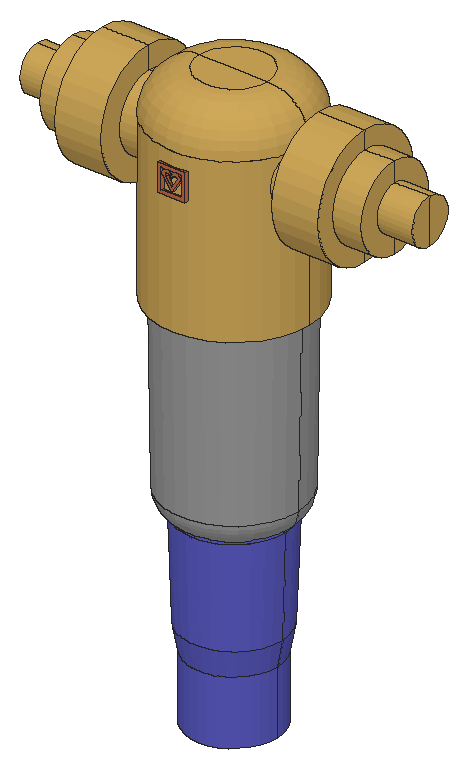
Revit family "Фильтр для холодной воды 0553", category Rohrzubehör, Revit 2020
Family settings
  Bemaßung runder Anschluss = Durchmesser verwenden
  Teiletyp = Unterbricht
  OmniClass-Nummer = 23.65.55.14
  OmniClass-Titel = Valves for Liquid Services
  Arbeitsebenenbasiert = Nein
  Immer vertikal = Ja
  Beim Laden mit Abzugskörper schneiden = Nein
  Gemeinsam genutzt = Nein
Parameters
  Фильтрующий элемент = "нержавеющая сталь, тонкость фильтрации 100 мкм"  # constant formula
  Среда = "Питьевая вода"  # constant formula
  Примечание = "В соответствии со статьей 33 Регламента REACH (Registration; Evaluation; Authorisation; Restriction of Chemicals) (EC № 1907/2006) мы обязаны указать, что свинец внесен в список SVHC (Substances of Very High Concern - вещества очень высокой важности) и весовой процент свинца во всех латунных компонентах заводского изготовления в наших изделиях, превышает 0,1 % (w/w) (CAS: 7439-92-1 / EINECS: 231-100-4).\r\nПоскольку свинец является легирующим компонентом сплава, прямое негативное влияние исключается, и поэтому дополнительной информации о безопасном использовании не требуется."
  Макс. рабочее давление = 1600000.0 Pa  # constant formula
  Макс. рабочая температура = 30 °C  # constant formula
  Корпус = "латунь, CW617N"  # constant formula
  Исполнение = "HERZ-фильтр для воды устанавливается на вводе в здание для предотвращения попадания загрязнений в питьевую воду."
  W02 = 88.00°  # constant formula
  W01 = 89.00°  # constant formula
  Vorgabe-Ansicht = 0.000 mm
  VRS01 = 10.000 mm  # constant formula
  SC_NennweiteBerechnet = 0
  SC_Dimension = ""
  SCTWSEQ = "FI;SBT_TYP_FI=\"FI\";2"
  SCTWCODE = "02;00;02"  # constant formula
  S01 [instance] = (L02 + VRL01 + VRL02) - (L01 / 2)  # 24.750 mm
  Модель = "Фильтр для холодной воды с чашей из прозрачного стеклопластика."
  Чаша = "прозрачный, армированный стекловолокном пластик"  # constant formula
  GT [instance] = size_lookup("0553_", "GT", 1.000 mm, Nennweite)  # 11.900 mm
  VRL02 [instance] = size_lookup("0553_", "VRL2", 1.000 mm, Nennweite)  # 21.750 mm
  VRL01 [instance] = size_lookup("0553_", "VRL1", 1.000 mm, Nennweite)  # 15.500 mm
  VRD02 [instance] = size_lookup("0553_", "VRD2", 1.000 mm, Nennweite)  # 14.000 mm
  VRD01 [instance] = size_lookup("0553_", "VRD1", 1.000 mm, Nennweite)  # 20.000 mm
  URL = "www.herz-armaturen.ru"
  T01 = 1.000 mm  # constant formula
  R02 = 8.000 mm  # constant formula
  R01 = 12.500 mm  # constant formula
  Nennweite [instance] = 15.000 mm
  D02 = 22.750 mm  # constant formula
  L02 [instance] = size_lookup("0553_", "L2", 1.000 mm, Nennweite)  # 28.750 mm
  L01 [instance] = size_lookup("0553_", "L1", 1.000 mm, Nennweite)  # 82.500 mm
  Hersteller = "HERZ Armaturen Ges.m.b.H."  # constant formula
  H04 = 174.000 mm  # constant formula
  H03 = 65.500 mm  # constant formula
  H02 = 45.500 mm  # constant formula
  H01 = 23.000 mm  # constant formula
  Номер заказа [instance] = if(Nennweite = 15.000 mm, "I055301", if(Nennweite = 20.000 mm, "I055302", if(Nennweite = 25.000 mm, "I055303", "0")))  # "I055301"
  AG [instance] = Nennweite / 2  # 7.500 mm
  D01 = 25.500 mm  # constant formula
Reference planes
  plane 1 "Mitte (Vorne/hinten)": y = 0
  plane 2: z = 0
  plane 3 "Mitte (Links/rechts)": x = 0
Forms (mm)
  Revolve 1, solid, material "Messing, weicher Gelbton, geschweißt", detail levels fine
    sketch origin (0, 0, 0) x (1, 0, 0) y (0, 0, 1)
      loop
        line (-41.25, 0) -> (41.25, 0) -> (41.25, 12.5) -> (-41.25, 12.5) -> (-41.25, 0)
      axis (-41.25, 0) -> (41.25, 0)
    angle from 0 to 360
  Revolve 2, solid, material "Messing, weicher Gelbton, geschweißt", detail levels fine
    sketch origin (0, 0, 0) x (1, 0, 0) y (0, 0, 1)
      loop
        line (-28.75, 0) -> (-28.75, 20) -> (-44.25, 20) -> (-44.25, 14) -> (-54.1, 14) -> (-54.1, 7.5) -> (-66, 7.5) -> (-66, 0) -> (-28.75, 0)
      axis (-66, 0) -> (-28.75, 0)
    angle from 0 to 360
  Revolve 3, solid, material "Messing, weicher Gelbton, geschweißt", detail levels fine
    sketch origin (0, 0, 0) x (-1, 0, 0) y (0, 0, 1)
      loop
        line (-28.75, 0) -> (-28.75, 20) -> (-44.25, 20) -> (-44.25, 14) -> (-54.1, 14) -> (-54.1, 7.5) -> (-66, 7.5) -> (-66, 0) -> (-28.75, 0)
      axis (-66, 0) -> (-28.75, 0)
    angle from 0 to 360
  Revolve 4, solid, material "Messing, weicher Gelbton, geschweißt", detail levels fine
    sketch origin (0, 0, 0) x (1, 0, 0) y (0, 0, 1)
      loop
        line (0, -45.5) -> (0, 23) -> (-11.5, 23)
        arc (-11.5, 23) -> (-21.399, 18.899) -> (-25.5, 9) r 14
        line (-25.5, 9) -> (-25.5, -45.5) -> (0, -45.5)
      axis (0, 23) -> (0, -45.5)
    angle from 0 to 360
  Revolve 5, solid, material "ABS-Kunststoff", detail levels fine
    sketch origin (0, 0, 0) x (1, 0, 0) y (0, 0, 1)
      loop
        line (0, -45.5) -> (-22.75, -45.5) -> (-21.744, -103.156)
        arc (-21.744, -103.156) -> (-19.53, -108.542) -> (-14.25, -111) r 8
        line (-14.25, -111) -> (0, -111) -> (0, -45.5)
      axis (0, -45.5) -> (0, -111)
    angle from 0 to 360
  Revolve 6, solid, material "Herz-Marineblau", detail levels fine
    sketch origin (0, 0, 0) x (1, 0, 0) y (0, 0, 1)
      loop
        line (-14.75, -174) -> (0, -174) -> (0, -110.996) -> (-17.5, -110.996) -> (-16.347, -144) -> (-14.75, -152.5) -> (-14.75, -174)
      axis (0, -110.996) -> (0, -174)
    angle from 0 to 360
Lines and regions (mm)
  model lines, detail levels coarse+medium
    curve 1: line (-41.25, 0, 23) -> (-41.25, 0, -23)
    curve 2: line (-41.25, 0, -23) -> (41.25, 0, -23)
    curve 3: line (41.25, 0, -23) -> (41.25, 0, 23)
    curve 4: line (41.25, 0, 23) -> (-41.25, 0, 23)
    curve 5: line (41.25, 0, 23) -> (12.5, 0, 0)
    curve 6: line (12.5, 0, 0) -> (41.25, 0, -23)
    curve 7: line (41.25, 0, 23) -> (51.25, 0, 23)
    curve 8: line (51.25, 0, 23) -> (41.25, 0, 0)
    curve 9: line (41.25, 0, -23) -> (51.25, 0, -23)
    curve 10: line (51.25, 0, -23) -> (41.25, 0, 0)
    curve 11: line (41.25, 0, 0) -> (66, 0, 0)
    curve 12: line (-41.25, 0, 23) -> (-51.25, 0, 23)
    curve 13: line (-51.25, 0, 23) -> (-41.25, 0, 0)
    curve 14: line (-41.25, 0, -23) -> (-51.25, 0, -23)
    curve 15: line (-51.25, 0, -23) -> (-41.25, 0, 0)
    curve 16: line (-41.25, 0, 0) -> (-66, 0, 0)
    curve 17: line (-41.25, -23, 0) -> (41.25, -23, 0)
    curve 18: line (-41.25, 23, 0) -> (-41.25, -23, 0)
    curve 19: line (41.25, 23, 0) -> (-41.25, 23, 0)
    curve 20: line (41.25, -23, 0) -> (41.25, 23, 0)
    curve 21: line (41.25, 23, 0) -> (8.232, 0, 0)
    curve 22: line (8.232, 0, 0) -> (41.25, -23, 0)
    curve 23: line (41.25, 23, 0) -> (51.25, 23, 0)
    curve 24: line (51.25, 23, 0) -> (41.25, 0, 0)
    curve 25: line (41.25, -23, 0) -> (51.25, -23, 0)
    curve 26: line (51.25, -23, 0) -> (41.25, 0, 0)
    curve 27: line (-41.25, 23, 0) -> (-51.25, 23, 0)
    curve 28: line (-51.25, 23, 0) -> (-41.25, 0, 0)
    curve 29: line (-41.25, -23, 0) -> (-51.25, -23, 0)
    curve 30: line (-51.25, -23, 0) -> (-41.25, 0, 0)
Dimensions and locks
  "L01": Revolve 1 sketch curve to Revolve 1 sketch curve
  equal spacing: Revolve 1 sketch curve, plane 3 "Mitte (Links/rechts)", Revolve 1 sketch curve
  "R01": Revolve 1 sketch curve to plane 2
  "L02": plane 3 "Mitte (Links/rechts)" to Revolve 2 sketch curve
  "VRL01": Revolve 2 sketch curve to Revolve 2 sketch curve
  "VRL02": Revolve 2 sketch curve to Revolve 2 sketch curve
  "GT": Revolve 2 sketch curve to Revolve 2 sketch curve
  "VRD01": Revolve 2 sketch curve to Revolve 2 sketch curve
  "VRD02": Revolve 2 sketch curve to Revolve 2 sketch curve
  "AG": Revolve 2 sketch curve to Revolve 2 sketch curve
  "VRL01": Revolve 3 sketch curve to Revolve 3 sketch curve
  "VRL02": Revolve 3 sketch curve to Revolve 3 sketch curve
  "GT": Revolve 3 sketch curve to Revolve 3 sketch curve
  "VRD01": Revolve 3 sketch curve to Revolve 3 sketch curve
  "VRD02": Revolve 3 sketch curve to Revolve 3 sketch curve
  "AG": Revolve 3 sketch curve to Revolve 3 sketch curve
  "L02": Revolve 3 sketch curve to plane 3 "Mitte (Links/rechts)"
  "H01": Revolve 4 sketch curve to plane 2
  "D01": Revolve 4 sketch curve to Revolve 4 sketch curve
  "H02": plane 2 to Revolve 4 sketch curve
  "D02": Revolve 5 sketch curve to Revolve 5 sketch curve
  "H02": plane 2 to Revolve 5 sketch curve
  "H03": Revolve 5 sketch curve to Revolve 5 sketch curve
  "H04": plane 2 to Revolve 6 sketch curve
  "D01": nested 1 to plane 1 "Mitte (Vorne/hinten)"
  equal spacing: curve 1, plane 3 "Mitte (Links/rechts)", curve 3
  "H01": curve 4 to level to curve 2
  "L01": curve 1 to curve 3
  "L02": curve 3 to curve 6
  "VRS01": curve 8 to curve 3
  "VRS01": curve 10 to curve 3
  "S01": curve 11 to curve 3
  "VRS01": curve 13 to curve 1
  "VRS01": curve 15 to curve 1
  "S01": curve 16 to Revolve 1
  "L01": curve 18 to curve 20
  equal spacing: curve 18, plane 3 "Mitte (Links/rechts)", curve 20
  "H01": curve 19 to plane 1 "Mitte (Vorne/hinten)" to curve 17
  "VRS01": curve 20 to curve 24
  "VRS01": curve 20 to curve 26
  "VRS01": curve 28 to curve 18
  "VRS01": curve 30 to curve 18
  "R02": radius of Revolve 5 sketch curve
  "W01": angle Revolve 5 sketch curve to Revolve 4
  "W02": angle Revolve 6 sketch curve to Revolve 6 sketch curve
  aligned and locked: level to plane 2
Automatic sketch dimensions
  curve 15 to level = 0.000 mm
  curve 11 to level = 0.000 mm
  curve 8 to level = 0.000 mm
  curve 5 to level = 0.000 mm
  plane 1 "Mitte (Vorne/hinten)" to curve 22 = 0.000 mm
  plane 1 "Mitte (Vorne/hinten)" to curve 28 = 0.000 mm
  plane 1 "Mitte (Vorne/hinten)" to curve 24 = 0.000 mm
  plane 1 "Mitte (Vorne/hinten)" to curve 26 = 0.000 mm
  plane 3 "Mitte (Links/rechts)" to curve 22 = 8.232 mm
  Revolve 1 sketch curve to level = 0.000 mm  (x2)
  Revolve 1 sketch curve to Revolve 1 sketch curve = 1474.830 mm
  Revolve 1 sketch curve to Revolve 1 sketch curve = 1807.448 mm
  Revolve 2 sketch curve to level = 0.000 mm  (x2)
  Revolve 2 sketch curve to Revolve 2 sketch curve = 1440.530 mm
  plane 3 "Mitte (Links/rechts)" to Revolve 2 sketch curve = 1839.148 mm
  Revolve 3 sketch curve to level = 0.000 mm  (x2)
  Revolve 3 sketch curve to Revolve 3 sketch curve = 1440.530 mm
  plane 3 "Mitte (Links/rechts)" to Revolve 3 sketch curve = 1839.148 mm
  Revolve 4 sketch curve to plane 3 "Mitte (Links/rechts)" = 0.000 mm  (x2)
  level to Revolve 4 sketch curve = 9.000 mm
  Revolve 4 sketch curve to Revolve 4 sketch curve = 320.545 mm
  Revolve 4 sketch curve to Revolve 4 sketch curve = 2190.315 mm
  Revolve 5 sketch curve to plane 3 "Mitte (Links/rechts)" = 0.000 mm  (x2)
  Revolve 5 sketch curve to plane 3 "Mitte (Links/rechts)" = 21.744 mm
  Revolve 5 sketch curve to Revolve 5 sketch curve = 7.494 mm
  Revolve 5 sketch curve to Revolve 5 sketch curve = 255.045 mm
  level to Revolve 5 sketch curve = 2214.315 mm
  Revolve 6 sketch curve to plane 3 "Mitte (Links/rechts)" = 0.000 mm  (x2)
  Revolve 6 sketch curve to plane 3 "Mitte (Links/rechts)" = 14.750 mm
  Revolve 6 sketch curve to Revolve 6 sketch curve = 1.597 mm
  Revolve 6 sketch curve to plane 3 "Mitte (Links/rechts)" = 17.500 mm
  Revolve 6 sketch curve to Revolve 6 sketch curve = 21.500 mm
  Revolve 6 sketch curve to Revolve 6 sketch curve = 8.500 mm
  Revolve 6 sketch curve to Revolve 6 sketch curve = 192.045 mm
  level to Revolve 6 sketch curve = 2214.315 mm
Nested families
  nested 1: "Herz-Logo-vorne" at (0, -25.5, 0) x (0, 1, 0) z (0, 0, 1), type "Herz-Logo-vorne", detail levels fine
Connectors
  piping at (-66, 0, 0), diameter 15, driven by "Nennweite"
    settings: on Revolve 2, index 1, connector inside diameter 609.6 mm, connector length 0.000 mm, flow factor 0, pipe flow 0.0 L/s, pressure drop 0.0 Pa, fitting loss kfactor 0, connector angle 0.00°, fixture units 0, engagement length 0.000 mm, angle of deflection 0.00°, flow configuration 0, flow direction 1, fitting loss method 0, system type 20, joint type 0, gender type 0, connector reference index -1, connector utility 0, adjustable connector no, is connector primary yes, connector description ""
  piping at (66, 0, 0), diameter 15, driven by "Nennweite"
    settings: on Revolve 3, index 2, connector inside diameter 609.6 mm, connector length 0.000 mm, flow factor 0, pipe flow 0.0 L/s, pressure drop 0.0 Pa, fitting loss kfactor 0, connector angle 0.00°, fixture units 0, engagement length 0.000 mm, angle of deflection 0.00°, flow configuration 0, flow direction 2, fitting loss method 0, system type 20, joint type 0, gender type 0, connector reference index -1, connector utility 0, adjustable connector no, is connector primary no, connector description ""
Definition of nested family "Herz-Logo-vorne"
  Parameters (values of type "Herz-Logo-vorne")
    Default Elevation = 0.000 mm
  Reference planes
    plane 1 "Mitte (Vorne/hinten)": y = 0
    plane 2: z = 0
    plane 3 "Mitte (Links/rechts)": x = 0
  Forms (mm)
    Extrusion 1, solid
      sketch origin (0.732, -0.018, 0.017) x (0, -1, 0) y (0, 0, 1)
        loop
          line (-0.018, -4.517) -> (4.482, -4.517) -> (4.482, 4.483) -> (-4.518, 4.483) -> (-4.518, -4.517) -> (-0.018, -4.517)
        loop
          line (-0.05, -3.48) -> (3.482, -3.48) -> (3.482, 3.483) -> (-3.518, 3.483) -> (-3.518, -3.48) -> (-0.05, -3.48)
        loop
          arc (-0.018, 2.383) -> (-1.543, 3.287) -> (-3.067, 2.383) r 1.738
          arc (-3.067, 2.383) -> (-3.191, 1.899) -> (-3.067, 1.415) r 1.009
          line (-3.067, 1.415) -> (-0.018, -3.281) -> (3.032, 1.415)
          arc (3.032, 1.415) -> (3.156, 1.899) -> (3.032, 2.383) r 1.009
          arc (3.032, 2.383) -> (1.507, 3.287) -> (-0.018, 2.383) r 1.738
        loop
          arc (1.885, 1.272) -> (2.005, 1.675) -> (1.885, 2.079) r 0.74
          arc (1.885, 2.079) -> (1.265, 2.416) -> (0.644, 2.079) r 0.74
          line (0.644, 2.079) -> (-0.018, 0.97) -> (-0.679, 2.079)
          arc (-0.679, 2.079) -> (-1.3, 2.416) -> (-1.921, 2.079) r 0.74
          arc (-1.921, 2.079) -> (-2.04, 1.675) -> (-1.921, 1.272) r 0.74
          line (-1.921, 1.272) -> (-0.018, -1.658) -> (1.885, 1.272)
      from 0 to 1.5
  Dimensions and locks
    aligned and locked: level to plane 2
